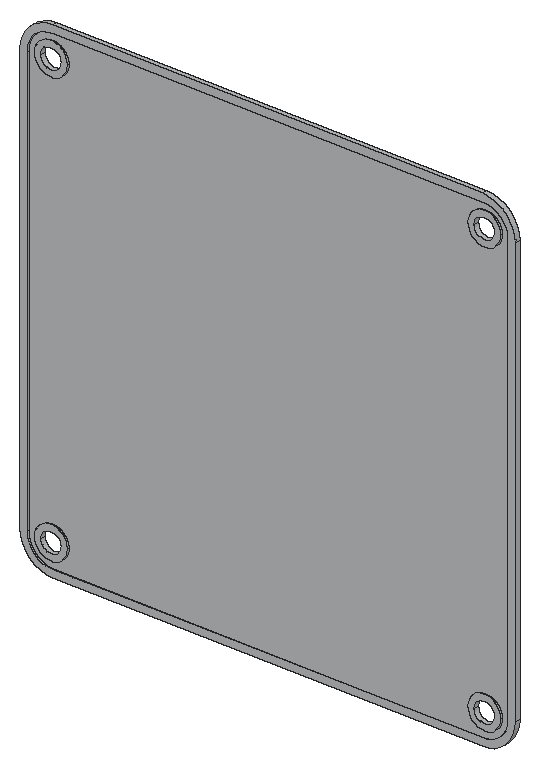
Revit family "okamura_MT25CB_スプリント_ボードオプション_フェルトスクリーン_600W×600H", category 家具, Revit 2017
Family settings
  OmniClass 番号 = 23.40.20.00
  OmniClass タイトル = General Furniture and Specialties
  作業面に基づく = いいえ
  常に垂直 = はい
  ロード時にボイドで切り取り = いいえ
  共有 = いいえ
  部屋計算ポイント = いいえ
Parameters (values of type "F4J2（ライトグレー）")
  製造元 = "株式会社オカムラ"
  製品名称 [instance] = "スプリント"  # constant formula
  製品仕様 [instance] = "フェルトスクリーン 600H"  # constant formula
  製品コード/色仕様 = "MT25CB"  # constant formula
  製品コード [instance] = "MT25CB"  # constant formula
  製品カテゴリ = "クリエイティブファニチュア"  # constant formula
  色仕様名称 [instance] = "ライトグレー"
  色仕様コード [instance] = "F4J2"
  本体 = okm_F4J2
  導入日 [instance] = ""
  区分 = "ボードオプション"  # constant formula
  共通仕様 = ""
  備考 = ""
  シリアルNo [instance] = ""
  キーノート = "12490"
  アセンブリ コード = "E2020200"
  W = 600.0 mm
  URL = "http://www.okamura.co.jp/"
  Product_URL = ""
  ID [instance] = ""
  H = 600.0 mm
  D = 6.0 mm
  Copyright [instance] = "©2021.08 okamura Corp."  # constant formula
Reference planes
  plane 1 "中心(正面/背面)": y = 0
  plane 2: z = 0
  plane 3 "中心(左/右)": x = 0
  plane 4 "左": x = -300
  plane 5 "右": x = 300
  plane 6 "背面": y = 3
  plane 7 "正面": y = -3
  plane 8 "上": z = 600
Forms (mm)
  Extrusion 1, solid, material "okm_F4J2" <- "本体"
    sketch origin (0, 0, 0) x (1, 0, 0) y (0, 0, 1)
      loop
        line (260.25, 591.25) -> (-260.25, 591.25)
        arc (-260.25, 591.25) -> (-282.17, 582.17) -> (-291.25, 560.25) r 31
        line (-291.25, 560.25) -> (-291.25, 39.75)
        arc (-291.25, 39.75) -> (-282.17, 17.83) -> (-260.25, 8.75) r 31
        line (-260.25, 8.75) -> (260.25, 8.75)
        arc (260.25, 8.75) -> (282.17, 17.83) -> (291.25, 39.75) r 31
        line (291.25, 39.75) -> (291.25, 560.25)
        arc (291.25, 560.25) -> (282.17, 582.17) -> (260.25, 591.25) r 31
      loop
        circle (-262.523, 562.562) r 20
      loop
        circle (-262.523, 37.437) r 20
      loop
        circle (262.523, 562.562) r 20
      loop
        circle (262.523, 37.437) r 20
    from -1.5 to 1.5
  Extrusion 2, solid, material "okm_F4J2" <- "本体"
    sketch origin (0, 0, 0) x (1, 0, 0) y (0, 0, 1)
      loop
        circle (262.523, 562.562) r 20
      loop
        arc (291.25, 560.25) -> (282.17, 582.17) -> (260.25, 591.25) r 31
        line (260.25, 591.25) -> (-260.25, 591.25)
        arc (-260.25, 591.25) -> (-282.17, 582.17) -> (-291.25, 560.25) r 31
        line (-291.25, 560.25) -> (-291.25, 39.75)
        arc (-291.25, 39.75) -> (-282.17, 17.83) -> (-260.25, 8.75) r 31
        line (-260.25, 8.75) -> (260.25, 8.75)
        arc (260.25, 8.75) -> (282.17, 17.83) -> (291.25, 39.75) r 31
        line (291.25, 39.75) -> (291.25, 560.25)
      loop
        circle (-262.523, 562.562) r 20
      loop
        circle (262.523, 37.437) r 20
      loop
        circle (-262.523, 37.437) r 20
      loop
        circle (-262.523, 37.437) r 12.5
      loop
        circle (262.523, 37.437) r 12.5
      loop
        circle (262.523, 562.562) r 12.5
      loop
        circle (-262.523, 562.562) r 12.5
      loop
        arc (-260, 600) -> (-288.284, 588.284) -> (-300, 560) r 40
        line (-300, 560) -> (-300, 40)
        arc (-300, 40) -> (-288.284, 11.716) -> (-260, 0) r 40
        line (-260, 0) -> (260, 0)
        arc (260, 0) -> (288.284, 11.716) -> (300, 40) r 40
        line (300, 40) -> (300, 560)
        arc (300, 560) -> (288.284, 588.284) -> (260, 600) r 40
        line (260, 600) -> (-260, 600)
    from -3 to 3
Lines and regions (mm)
  Masking region 1
    outline origin (0, 0, 0) x (1, 0, 0) y (0, 1, 0)
      loop
        line (-300, 3) -> (-300, -3) -> (300, -3) -> (300, 3) -> (-300, 3)
  symbolic lines, style "okm_標準・詳細", detail levels medium+fine
    curve 1: line (300, 3, 0) -> (-300, 3, 0)
    curve 2: line (300, -3, 0) -> (300, 3, 0)
    curve 3: line (-300, -3, 0) -> (300, -3, 0)
    curve 4: line (-300, 3, 0) -> (-300, -3, 0)
  symbolic lines, style "okm_簡略", detail levels coarse
    curve 5: line (-300, 3, 0) -> (300, 3, 0)
    curve 6: line (-300, -3, 0) -> (-300, 3, 0)
    curve 7: line (300, -3, 0) -> (-300, -3, 0)
    curve 8: line (300, 3, 0) -> (300, -3, 0)
Dimensions and locks
  equal spacing: plane 4 "左", plane 3 "中心(左/右)", plane 5 "右"
  "W": plane 4 "左" to plane 5 "右"
  equal spacing: plane 7 "正面", plane 1 "中心(正面/背面)", plane 6 "背面"
  "D": plane 7 "正面" to plane 6 "背面"
  "H": plane 8 "上" to level
  aligned and locked: level to plane 2
Automatic sketch dimensions
  plane 4 "左" to Extrusion 1 sketch curve = 8.75 mm
  Extrusion 1 sketch curve to Extrusion 1 sketch curve = 28.727 mm  (x2)
  Extrusion 1 sketch curve to Extrusion 1 sketch curve = 2.273 mm  (x4)
  Extrusion 1 sketch curve to plane 5 "右" = 39.75 mm  (x2)
  Extrusion 1 sketch curve to plane 5 "右" = 8.75 mm
  level to Extrusion 1 sketch curve = 8.75 mm
  Extrusion 1 sketch curve to Extrusion 1 sketch curve = 2.313 mm  (x4)
  Extrusion 1 sketch curve to plane 8 "上" = 39.75 mm
  Extrusion 2 sketch curve to Extrusion 2 sketch curve = 0.0 mm  (x8)
  Extrusion 2 sketch curve to plane 4 "左" = 0.0 mm
  Extrusion 2 sketch curve to level = 0.0 mm
  Extrusion 2 sketch curve to plane 8 "上" = 0.0 mm
  Extrusion 2 sketch curve to plane 5 "右" = 0.0 mm
  plane 4 "左" to Extrusion 2 sketch curve = 8.75 mm
  Extrusion 2 sketch curve to Extrusion 2 sketch curve = 28.727 mm  (x2)
  Extrusion 2 sketch curve to Extrusion 2 sketch curve = 2.273 mm  (x4)
  Extrusion 2 sketch curve to plane 8 "上" = 8.75 mm
  Extrusion 2 sketch curve to Extrusion 2 sketch curve = 0.25 mm  (x4)
  Extrusion 2 sketch curve to plane 5 "右" = 40.0 mm  (x2)
  Extrusion 2 sketch curve to plane 5 "右" = 8.75 mm
  level to Extrusion 2 sketch curve = 8.75 mm
  Extrusion 2 sketch curve to Extrusion 2 sketch curve = 2.313 mm  (x4)
  Extrusion 2 sketch curve to Extrusion 2 sketch curve = 8.727 mm  (x2)
  Extrusion 2 sketch curve to Extrusion 2 sketch curve = 7.5 mm  (x4)
  Extrusion 2 sketch curve to Extrusion 2 sketch curve = 17.477 mm  (x2)
  Masking region 1 sketch curve to plane 4 "左" = 0.0 mm
  Masking region 1 sketch curve to plane 5 "右" = 0.0 mm
  plane 7 "正面" to Masking region 1 sketch curve = 0.0 mm
  plane 6 "背面" to Masking region 1 sketch curve = 0.0 mm
  curve 1 to plane 4 "左" = 0.0 mm
  curve 2 to plane 5 "右" = 0.0 mm
  plane 7 "正面" to curve 8 = 0.0 mm
  plane 6 "背面" to curve 2 = 0.0 mm
  radius of Extrusion 1 sketch curve = 20.0 mm  (x4)
